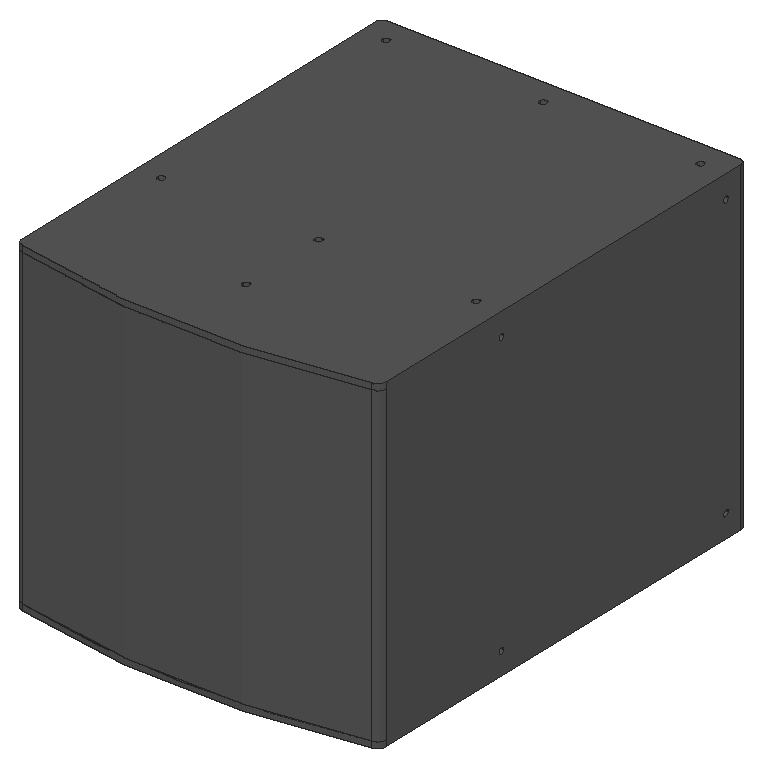
Revit family "1Electronics_Community_Biamp_Subwoofer_IS8-118", category Communication Devices, host Face, Revit 2020
Family settings
  Host = Face
  Maintain Annotation Orientation = No
  Round Connector Dimension = Use Diameter
  Part Type = Normal
  OmniClass Number = 23.85.10.11.14.14.14
  OmniClass Title = Loudspeakers
  Cut with Voids When Loaded = No
  Shared = No
  Room Calculation Point = No
Parameters (values of type "IS8-118 B")
  Width = 22.10156"  # constant formula
  Weight = 98.00 lbf  # constant formula
  URL = "https://www.biamp.com/"
  Transducers = "1 x 18 (457mm) double-treated cone with 4 (102mm) voice coil, triple demodulation rings, neodymium construction"  # constant formula
  Shipping Weight = 112.00 lbf  # constant formula
  Recommended Amplifiers = "Single Amp - 1600W - 3200W @ 8 ohms,  (113V - 160V)"  # constant formula
  Product data url = "https://bimobject.com/biamp/product/is8-118_community-subwoofer"
  Product Page URL = "https://www.biamp.com/products/product-families/community/community-subwoofers#is8-118"
  Product Documentation Link = "https://downloads.biamp.com/assets/docs/default-source/data-sheets/biamp_data_sheet_community_is8-118.pdf"
  Operating Range = "31 Hz to 145 Hz  "  # constant formula
  Operating Mode = "Single Amp"  # constant formula
  Operating Environment = "Indoor"  # constant formula
  Nominal Sensitivity = "Half Space - 1W: 99 dB - 2.83V: 99 dB; Whole Space - 1W: 93 dB - 2.83V: 93 dB"  # constant formula
  Nominal Maximum SPL = "Half Space - Peak: 137 dB - Continuous: 131 dB; Whole Space - Peak: 131 dB - Continuous: 125 dB"  # constant formula
  Mounting Points = "(24) M10 threaded rigging points"  # constant formula
  Model = "IS8-118 B"
  Manufacturer = "Biamp"  # constant formula
  Input Connection = "Screw terminal blocks (4-position)"  # constant formula
  Housing Material = Biamp - Plastic - Black
  Height = 19.80078"  # constant formula
  Grill Material = Biamp - Plastic - Black(Grid)
  Equalized Sensitivity = "Half Space - 1W: 99 dB - 2.83V: 99 dB; Whole Space - 1W: 93 dB - 2.83V: 93 dB"  # constant formula
  Equalized Maximum SPL = "Half Space - Peak: 137 dB - Continuous: 131 dB; Whole Space - Peak: 131 dB - Continuous: 125 dB"  # constant formula
  Environmental = "Outdoor: IP55W per IEC 60529 , MIL-STD-810G"  # constant formula
  Description = "IS8-118 High Power Single 18-Inch Subwoofer"  # constant formula
  Depth = 28.89062"  # constant formula
  Default Elevation = 48.00"
  Continuous Power Handling  Nominal Impedance = "Single Amp - 113V, 1600W @ 8 ohms (6400W peak)"  # constant formula
Types (3): name | Model | Housing Material | Grill Material
  (no name) | "IS8-118 B" | Biamp - Plastic - Black | Biamp - Plastic - Black(Grid)
  IS8-118 B | "IS8-118 B" | Biamp - Plastic - Black | Biamp - Plastic - Black(Grid)
  IS8-118 W | "IS8-118 W" | Biamp - Plastic - White | Biamp - Plastic - White(Grid)
Reference planes (in)
  plane 1 "Center (Front/Back)": y = 0
  plane 2: z = 0
  plane 3 "Center (Left/Right)": x = 0
  plane 4: y = 14.44531
  plane 5: y = -14.44531
  plane 6: x = -11.05078
  plane 7: x = 11.05078
  plane 8: z = 19.80078
  plane 9: z = 9.90039
Forms (in)
  Extrusion 1, solid, material "Biamp - Plastic - Black" <- "Housing Material", detail levels medium+fine
    sketch origin (0, 0, 0) x (1, 0, 0) y (0, 1, 0)
      loop
        arc (-10.67578, 14.44531) -> (-10.94095, 14.33548) -> (-11.05078, 14.07031) r 0.375
        line (-11.05078, 14.07031) -> (-11.05078, -12.72556)
        arc (-11.05078, -12.72556) -> (-10.91137, -13.08374) -> (-10.58284, -13.28323) r 0.59837
        arc (-10.58284, -13.28323) -> (0, -14.44531) -> (10.58284, -13.28323) r 48.76885
        arc (10.58284, -13.28323) -> (10.91137, -13.08374) -> (11.05078, -12.72556) r 0.59837
        line (11.05078, -12.72556) -> (11.05078, 14.07031)
        arc (11.05078, 14.07031) -> (10.94095, 14.33548) -> (10.67578, 14.44531) r 0.375
        line (10.67578, 14.44531) -> (-10.67578, 14.44531)
    from 0 to 19.80078
  Extrusion 2, void
    sketch origin (0, 0, 0) x (1, 0, 0) y (0, 1, 0)
      loop
        circle (-9.53078, 12.92531) r 0.21654
      loop
        circle (0, 12.92531) r 0.21654
      loop
        circle (9.53078, 12.92531) r 0.21654
      loop
        circle (-9.53078, -4.08469) r 0.21654
      loop
        circle (0, -4.08469) r 0.21654
      loop
        circle (9.53078, -4.08469) r 0.21654
      loop
        circle (0, -9.60469) r 0.21654
    from 19.42578 to 19.80078
  Extrusion 3, void
    sketch origin (0, 0, 0) x (0, 1, 0) y (0, 0, 1)
      loop
        circle (12.92531, 1.38) r 0.21654
      loop
        circle (12.92531, 18.42) r 0.21654
      loop
        circle (-4.08469, 1.38) r 0.21654
      loop
        circle (-4.08469, 18.42) r 0.21654
    from 10.67578 to 11.05078
  Extrusion 4, void
    sketch origin (0, 0, 0) x (1, 0, 0) y (0, 0, 1)
      loop
        circle (0, 18.42078) r 0.21654
      loop
        circle (0, 1.38) r 0.21654
      loop
        line (2.005, 13.43039) -> (-2.005, 13.43039)
        arc (-2.005, 13.43039) -> (-2.09339, 13.39378) -> (-2.13, 13.30539) r 0.125
        line (-2.13, 13.30539) -> (-2.13, 6.49539)
        arc (-2.13, 6.49539) -> (-2.09339, 6.407) -> (-2.005, 6.37039) r 0.125
        line (-2.005, 6.37039) -> (2.005, 6.37039)
        arc (2.005, 6.37039) -> (2.09339, 6.407) -> (2.13, 6.49539) r 0.125
        line (2.13, 6.49539) -> (2.13, 13.30539)
        arc (2.13, 13.30539) -> (2.09339, 13.39378) -> (2.005, 13.43039) r 0.125
    from -14.44531 to -14.07031
  Extrusion 5, solid, material "Biamp - Plastic - Black(Grid)" <- "Grill Material", detail levels medium+fine
    sketch origin (0, 0, 0) x (1, 0, 0) y (0, 1, 0)
      loop
        arc (-11.05078, -12.72556) -> (-10.91137, -13.08374) -> (-10.58284, -13.28323) r 0.59837
        arc (-10.58284, -13.28323) -> (0, -14.44531) -> (10.58284, -13.28323) r 48.76885
        arc (10.58284, -13.28323) -> (10.91137, -13.08374) -> (11.05078, -12.72556) r 0.59837
        line (11.05078, -12.72556) -> (-11.05078, -12.72556)
    from 0.375 to 19.42578
  Extrusion 6, solid, material "Biamp - Plastic - Black" <- "Housing Material", detail levels medium+fine
    sketch origin (0, 0, 0) x (1, 0, 0) y (0, 0, 1)
      loop
        line (-0.5, 12.43039) -> (-0.5, 12.18039) -> (0.5, 12.18039) -> (0.5, 12.43039) -> (-0.5, 12.43039)
      loop
        line (-0.5, 11.43039) -> (-0.5, 11.18039) -> (0.5, 11.18039) -> (0.5, 11.43039) -> (-0.5, 11.43039)
    from -14.25781 to -14.07031
  Extrusion 7, void
    sketch origin (0, 0, 0) x (0, 1, 0) y (0, 0, 1)
      loop
        line (-14.44531, 19.42578) -> (-14.44531, 0.375) -> (-12.72556, 0.375) -> (-12.72556, 19.42578) -> (-14.44531, 19.42578)
    from -11.42672 to 11.39747
  Extrusion 8, void
    sketch origin (0, 0, -19.42578) x (0, -1, 0) y (1, 0, 0)
      loop
        circle (-12.92531, -9.53078) r 0.21654
      loop
        circle (-12.92531, 0) r 0.21654
      loop
        circle (4.08469, -9.53078) r 0.21654
      loop
        circle (4.08469, 0) r 0.21654
      loop
        circle (9.60469, 0) r 0.21654
      loop
        circle (-12.92531, 9.53078) r 0.21654
      loop
        circle (4.08469, 9.53078) r 0.21654
    from 19.42578 to 19.80078
  Extrusion 9, void
    sketch origin (-1.15039, 0, 0) x (0, 1, 0) y (0, 0, -1)
      loop
        circle (12.92531, -1.38039) r 0.21654
      loop
        circle (12.92531, -18.42039) r 0.21654
      loop
        circle (-4.08469, -1.38039) r 0.21654
      loop
        circle (-4.08469, -18.42039) r 0.21654
    from 9.52539 to 9.90039
  Extrusion 10, solid, material "Biamp - Plastic - Black" <- "Housing Material", detail levels coarse
    sketch origin (0, 0, 0) x (1, 0, 0) y (0, 1, 0)
      loop
        arc (-10.67578, 14.44531) -> (-10.94095, 14.33548) -> (-11.05078, 14.07031) r 0.375
        line (-11.05078, 14.07031) -> (-11.05078, -12.72556)
        arc (-11.05078, -12.72556) -> (-10.91137, -13.08374) -> (-10.58284, -13.28323) r 0.59837
        arc (-10.58284, -13.28323) -> (0, -14.44531) -> (10.58284, -13.28323) r 48.76885
        arc (10.58284, -13.28323) -> (10.91137, -13.08374) -> (11.05078, -12.72556) r 0.59837
        line (11.05078, -12.72556) -> (11.05078, 14.07031)
        arc (11.05078, 14.07031) -> (10.94095, 14.33548) -> (10.67578, 14.44531) r 0.375
        line (10.67578, 14.44531) -> (-10.67578, 14.44531)
    from 0 to 19.80078
Cuts and joins
  Extrusion 2, Extrusion 3, Extrusion 4, Extrusion 7, Extrusion 8, Extrusion 9 cuts Extrusion 1
Lines and regions (in)
  Masking region 1
    outline origin (0, 0, 0) x (1, 0, 0) y (0, 0, 1)
      loop
        line (-11.05084, 19.80078) -> (-11.05084, 0) -> (11.05084, 0) -> (11.05084, 19.80078) -> (-11.05084, 19.80078)
  Masking region 2
    outline origin (0, 0, 0) x (0, 1, 0) y (0, 0, 1)
      loop
        line (-14.44531, 19.80078) -> (-14.44531, 0) -> (14.44531, 0) -> (14.44531, 19.80078) -> (-14.44531, 19.80078)
  Masking region 3
    outline origin (0, 0, 0) x (1, 0, 0) y (0, 1, 0)
      loop
        arc (-11.05078, -12.72556) -> (-10.91137, -13.08374) -> (-10.58284, -13.28323) r 0.59837
        arc (-10.58284, -13.28323) -> (0, -14.44531) -> (10.58284, -13.28323) r 48.76885
        arc (10.58284, -13.28323) -> (10.91137, -13.08374) -> (11.05078, -12.72556) r 0.59837
        line (11.05078, -12.72556) -> (11.05078, 14.07031)
        arc (11.05078, 14.07031) -> (10.94095, 14.33548) -> (10.67578, 14.44531) r 0.375
        line (10.67578, 14.44531) -> (-10.67578, 14.44531)
        arc (-10.67578, 14.44531) -> (-10.94095, 14.33548) -> (-11.05078, 14.07031) r 0.375
        line (-11.05078, 14.07031) -> (-11.05078, -12.72556)
  symbolic lines
    curve 1: arc (-9.31425, 12.92531, 0) -> (-9.53078, 12.70878, 0) -> (-9.74732, 12.92531, 0) r 0.21654
    curve 2: arc (-9.74732, 12.92531, 0) -> (-9.53078, 13.14185, 0) -> (-9.31425, 12.92531, 0) r 0.21654
    curve 3: arc (0.21654, 12.92531, 0) -> (0, 12.70878, 0) -> (-0.21654, 12.92531, 0) r 0.21654
    curve 4: arc (-0.21654, 12.92531, 0) -> (0, 13.14185, 0) -> (0.21654, 12.92531, 0) r 0.21654
    curve 5: line (-11.05084, 0, 19.80078) -> (11.05084, 0, 19.80078)
    curve 6: line (-11.05084, 0, 0) -> (-11.05084, 0, 19.80078)
    curve 7: line (11.05084, 0, 0) -> (-11.05084, 0, 0)
    curve 8: line (11.05084, 0, 19.80078) -> (11.05084, 0, 0)
    curve 9: line (-11.05084, 0, 19.42578) -> (11.05084, 0, 19.42578)
    curve 10: line (11.05084, 0, 0.375) -> (-11.05084, 0, 0.375)
    curve 11: line (0, -14.44531, 19.80078) -> (0, 14.44531, 19.80078)
    curve 12: line (0, -14.44531, 0) -> (0, -14.44531, 19.80078)
    curve 13: line (0, 14.44531, 0) -> (0, -14.44531, 0)
    curve 14: line (0, 14.44531, 19.80078) -> (0, 14.44531, 0)
    curve 15: line (0, -11.57031, 19.80078) -> (0, -11.57031, 0)
    curve 16: line (0, -11.57031, 0.375) -> (0, -14.44531, 0.375)
    curve 17: line (0, -14.44531, 19.42578) -> (0, -11.57031, 19.42578)
    curve 18: arc (9.31425, 12.92531, 0) -> (9.53078, 12.70878, 0) -> (9.74732, 12.92531, 0) r 0.21654
    curve 19: arc (9.74732, 12.92531, 0) -> (9.53078, 13.14185, 0) -> (9.31425, 12.92531, 0) r 0.21654
    curve 20: arc (-9.31425, -4.08469, 0) -> (-9.53078, -4.30122, 0) -> (-9.74732, -4.08469, 0) r 0.21654
    curve 21: arc (-9.74732, -4.08469, 0) -> (-9.53078, -3.86815, 0) -> (-9.31425, -4.08469, 0) r 0.21654
    curve 22: arc (0.21654, -4.08469, 0) -> (0, -4.30122, 0) -> (-0.21654, -4.08469, 0) r 0.21654
    curve 23: arc (-0.21654, -4.08469, 0) -> (0, -3.86815, 0) -> (0.21654, -4.08469, 0) r 0.21654
    curve 24: arc (9.31425, -4.08469, 0) -> (9.53078, -4.30122, 0) -> (9.74732, -4.08469, 0) r 0.21654
    curve 25: arc (9.74732, -4.08469, 0) -> (9.53078, -3.86815, 0) -> (9.31425, -4.08469, 0) r 0.21654
    curve 26: arc (0.21654, -9.60469, 0) -> (0, -9.82122, 0) -> (-0.21654, -9.60469, 0) r 0.21654
    curve 27: arc (-0.21654, -9.60469, 0) -> (0, -9.38815, 0) -> (0.21654, -9.60469, 0) r 0.21654
Dimensions and locks (in)
  equal spacing: plane 5, plane 1 "Center (Front/Back)", plane 4
  "Depth": plane 4 to plane 5
  equal spacing: plane 6, plane 3 "Center (Left/Right)", plane 7
  "Width": plane 6 to plane 7
  "Height": plane 8 to plane 2
  equal spacing: plane 8, plane 9, plane 2
  aligned and locked: plane 2 to host face
  aligned and locked: level to host face
  aligned and locked: plane 8 to Extrusion 1
  aligned and locked: plane 8 to Extrusion 2
  aligned and locked: plane 7 to Extrusion 3
  aligned and locked: Extrusion 4 to plane 4
  aligned and locked: plane 8 to Extrusion 10
  aligned and locked: Extrusion 10 to plane 2
Automatic sketch dimensions
  host sketch curve to host sketch curve = 96.00"  (x2)
  Extrusion 6 sketch curve to plane 3 "Center (Left/Right)" = 0.50"  (x2)
  plane 3 "Center (Left/Right)" to Extrusion 6 sketch curve = 0.50"  (x2)
  plane 9 to Extrusion 6 sketch curve = 1.28"
  Extrusion 6 sketch curve to Extrusion 6 sketch curve = 0.25"  (x2)
  Extrusion 6 sketch curve to Extrusion 6 sketch curve = 0.75"
  curve 26 to plane 3 "Center (Left/Right)" = 0.00"
  curve 4 to plane 3 "Center (Left/Right)" = 0.00"
  curve 23 to plane 3 "Center (Left/Right)" = 0.00"
  plane 6 to curve 2 = 1.52"
  plane 6 to curve 20 = 1.52"
  curve 18 to plane 7 = 1.52"
  curve 24 to plane 7 = 1.52"
  plane 4 to curve 2 = 1.52"
  plane 4 to curve 4 = 1.52"
  plane 4 to curve 19 = 1.52"
  plane 1 "Center (Front/Back)" to curve 24 = 4.08469"
  plane 1 "Center (Front/Back)" to curve 21 = 4.08469"
  plane 1 "Center (Front/Back)" to curve 22 = 4.08469"
  plane 5 to curve 26 = 4.84063"
  curve 20 to curve 20 = 0.21654"
  curve 1 to curve 1 = 0.21654"
  curve 26 to curve 26 = 0.21654"
  curve 4 to curve 3 = 0.21654"
  curve 23 to curve 22 = 0.21654"
  curve 19 to curve 18 = 0.21654"
  curve 25 to curve 24 = 0.21654"
  curve 17 to plane 5 = 0.00"
  curve 15 to plane 8 = 0.00"
  curve 15 to level = 0.00"
  curve 13 to plane 4 = 0.00"
  level to curve 16 = 0.375"
  curve 16 to curve 16 = 2.875"
  curve 17 to plane 8 = 0.375"
  curve 5 to plane 8 = 0.00"
  curve 6 to level = 0.00"
  curve 5 to plane 6 = 0.00006"
  plane 7 to curve 8 = 0.00006"
  level to curve 10 = 0.375"
  curve 9 to curve 5 = 0.375"
  Extrusion 1 sketch curve to plane 6 = 0.00"
  plane 4 to Extrusion 1 sketch curve = 0.00"
  Extrusion 1 sketch curve to plane 7 = 0.00"
  Extrusion 1 sketch curve to Extrusion 1 sketch curve = 0.375"
  Extrusion 1 sketch curve to plane 7 = 0.375"
  plane 5 to Extrusion 1 sketch curve = 1.71975"  (x2)
  Extrusion 2 sketch curve to plane 3 "Center (Left/Right)" = 0.00"  (x3)
  plane 6 to Extrusion 2 sketch curve = 1.52"  (x2)
  Extrusion 2 sketch curve to plane 7 = 1.52"  (x2)
  plane 5 to Extrusion 2 sketch curve = 4.84063"
  plane 1 "Center (Front/Back)" to Extrusion 2 sketch curve = 4.08469"  (x3)
  plane 4 to Extrusion 2 sketch curve = 1.52"  (x3)
  level to Extrusion 3 sketch curve = 1.38"  (x2)
  plane 1 "Center (Front/Back)" to Extrusion 3 sketch curve = 4.08469"  (x2)
  Extrusion 3 sketch curve to plane 8 = 1.38078"  (x2)
  plane 4 to Extrusion 3 sketch curve = 1.52"  (x2)
  Extrusion 4 sketch curve to plane 3 "Center (Left/Right)" = 0.00"  (x2)
  Extrusion 4 sketch curve to plane 3 "Center (Left/Right)" = 2.005"  (x2)
  Extrusion 4 sketch curve to Extrusion 4 sketch curve = 0.125"  (x2)
  plane 3 "Center (Left/Right)" to Extrusion 4 sketch curve = 2.005"  (x2)
  level to Extrusion 4 sketch curve = 1.38"
  Extrusion 4 sketch curve to plane 9 = 3.53"
  plane 9 to Extrusion 4 sketch curve = 3.405"
  Extrusion 4 sketch curve to plane 8 = 1.38"
  Extrusion 5 sketch curve to plane 6 = 0.00"
  Extrusion 5 sketch curve to plane 3 "Center (Left/Right)" = 0.00"
  Extrusion 5 sketch curve to plane 7 = 0.00"
  plane 5 to Extrusion 5 sketch curve = 1.7462"  (x2)
  plane 6 to Extrusion 5 sketch curve = 0.59779"
  Extrusion 5 sketch curve to plane 7 = 0.59779"
  plane 5 to Extrusion 5 sketch curve = 1.71975"
  Extrusion 5 sketch curve to plane 4 = 19.87823"
  Extrusion 5 sketch curve to Extrusion 5 sketch curve = 0.00"
  Extrusion 7 sketch curve to plane 5 = 0.00"
  level to Extrusion 7 sketch curve = 0.375"
  Extrusion 7 sketch curve to Extrusion 7 sketch curve = 1.71975"
  Extrusion 7 sketch curve to plane 8 = 0.375"
  Extrusion 8 sketch curve to plane 3 "Center (Left/Right)" = 0.00"  (x3)
  plane 4 to Extrusion 8 sketch curve = 1.52"  (x3)
  Extrusion 8 sketch curve to plane 7 = 1.52"  (x2)
  plane 1 "Center (Front/Back)" to Extrusion 8 sketch curve = 4.08469"  (x3)
  plane 6 to Extrusion 8 sketch curve = 1.52"  (x2)
  plane 5 to Extrusion 8 sketch curve = 4.84063"
  level to Extrusion 9 sketch curve = 1.38039"  (x2)
  plane 1 "Center (Front/Back)" to Extrusion 9 sketch curve = 4.08469"  (x2)
  Extrusion 9 sketch curve to plane 8 = 1.38039"  (x2)
  plane 4 to Extrusion 9 sketch curve = 1.52"  (x2)
  Extrusion 10 sketch curve to plane 6 = 0.00"
  plane 4 to Extrusion 10 sketch curve = 0.00"
  Extrusion 10 sketch curve to plane 7 = 0.00"
  Extrusion 10 sketch curve to Extrusion 10 sketch curve = 0.375"  (x2)
  plane 5 to Extrusion 10 sketch curve = 1.71975"  (x2)
  Masking region 1 sketch curve to level = 0.00"
  Masking region 1 sketch curve to plane 8 = 0.00"
  Masking region 1 sketch curve to plane 6 = 0.00006"
  plane 7 to Masking region 1 sketch curve = 0.00006"
  Masking region 2 sketch curve to level = 0.00"
  Masking region 2 sketch curve to plane 5 = 0.00"
  Masking region 2 sketch curve to plane 4 = 0.00"
  Masking region 2 sketch curve to plane 8 = 0.00"
  Extrusion 10 sketch curve to plane 3 "Center (Left/Right)" = 0.00"
  plane 6 to Extrusion 10 sketch curve = 0.59779"
  Extrusion 10 sketch curve to plane 7 = 0.59779"
  Extrusion 10 sketch curve to Extrusion 10 sketch curve = 0.02644"  (x2)
  Extrusion 10 sketch curve to plane 4 = 19.87823"
  Extrusion 10 sketch curve to Extrusion 10 sketch curve = 0.00"
  Extrusion 1 sketch curve to plane 3 "Center (Left/Right)" = 0.00"
  plane 6 to Extrusion 1 sketch curve = 0.59779"
  Extrusion 1 sketch curve to plane 7 = 0.59779"
  Extrusion 1 sketch curve to Extrusion 1 sketch curve = 0.02644"  (x2)
  Extrusion 1 sketch curve to plane 4 = 19.87823"
  Extrusion 1 sketch curve to Extrusion 1 sketch curve = 0.00"
  Masking region 3 sketch curve to plane 6 = 0.00"
  plane 4 to Masking region 3 sketch curve = 0.00"
  Masking region 3 sketch curve to plane 3 "Center (Left/Right)" = 0.00"
  Masking region 3 sketch curve to plane 7 = 0.00"
  plane 6 to Masking region 3 sketch curve = 0.375"
  plane 6 to Masking region 3 sketch curve = 0.59779"
  Masking region 3 sketch curve to plane 7 = 0.59779"
  Masking region 3 sketch curve to plane 7 = 0.375"
  plane 5 to Masking region 3 sketch curve = 1.7462"  (x2)
  Masking region 3 sketch curve to Masking region 3 sketch curve = 0.02644"  (x2)
  Masking region 3 sketch curve to plane 4 = 19.87823"
  Masking region 3 sketch curve to Masking region 3 sketch curve = 0.00"
  radius of Extrusion 2 sketch curve = 0.21654"  (x7)
  radius of Extrusion 3 sketch curve = 0.21654"  (x4)
  radius of Extrusion 4 sketch curve = 0.21654"  (x2)
  radius of Extrusion 8 sketch curve = 0.21654"  (x7)
  radius of Extrusion 9 sketch curve = 0.21654"  (x4)
Connectors (in)
  electrical at (0.25, 14.25781, 12.30539)
    settings: on Extrusion 6, index 1, voltage 0 V, apparent load 0 VA, apparent load phase1 0 VA, apparent load phase2 0 VA, apparent load phase3 0 VA, power factor 1, load classification "Other", number of poles 1, system type 5, power factor state 1, is connector primary yes, connector utility no, sub classification motor no, connector description "Screw terminal blocks; LF Input"
  electrical at (0.25, 14.25781, 11.30539)
    settings: on Extrusion 6, index 2, voltage 0 V, apparent load 0 VA, apparent load phase1 0 VA, apparent load phase2 0 VA, apparent load phase3 0 VA, power factor 1, load classification "Other", number of poles 1, system type 5, power factor state 1, is connector primary no, connector utility no, sub classification motor no, connector description "Screw terminal blocks; LOOP Input"
  electrical at (-0.25, 14.25781, 12.30539)
    settings: on Extrusion 6, index 3, voltage 0 V, apparent load 0 VA, apparent load phase1 0 VA, apparent load phase2 0 VA, apparent load phase3 0 VA, power factor 1, load classification "Other", number of poles 1, system type 5, power factor state 1, is connector primary no, connector utility no, sub classification motor no, connector description "Screw terminal blocks; LF thru"
  electrical at (-0.25, 14.25781, 11.30539)
    settings: on Extrusion 6, index 4, voltage 0 V, apparent load 0 VA, apparent load phase1 0 VA, apparent load phase2 0 VA, apparent load phase3 0 VA, power factor 1, load classification "Other", number of poles 1, system type 5, power factor state 1, is connector primary no, connector utility no, sub classification motor no, connector description "Screw terminal blocks; LOOP thru"
